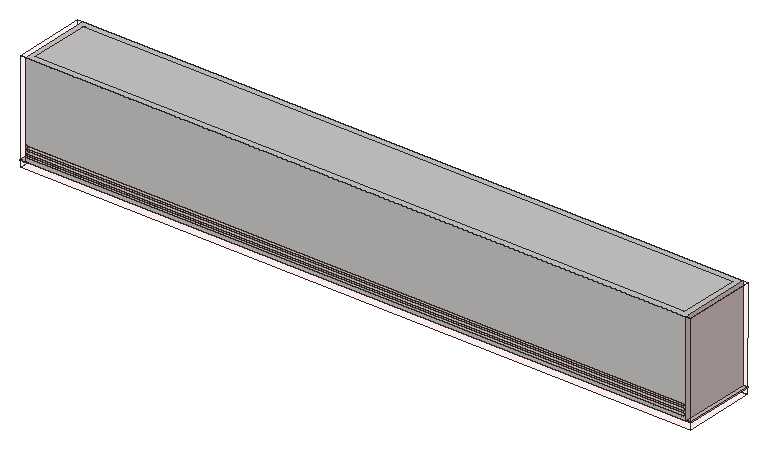
Revit family "Air-Curtain_Specialty_PoweredAire_HDX-Hazardous", category Mechanical Equipment, host Face, Revit 2026
Family settings
  Host = Face
  Round Connector Dimension = Use Diameter
  Part Type = Normal
  Classification Number = 23.75.35.17.21
  Cut with Voids When Loaded = No
  Maintain Annotation Orientation = No
  Shared = No
  Room Calculation Point = No
Parameters (values of type "192'' Nozzle")
  Warranty Duration (Years) = 0
  Unit Width Notes = "Other Widths available."  # constant formula
  Unit Width = 16' - 3 1/4"
  Unit Weight = 1170
  Unit Height = 1' - 9"
  Unit Depth = 2' - 3 1/4"
  URL = "http://www.poweredaire.com/"
  Test Data = ""
  Standards Conformance = "Class I C and D  ;  Class II F and G  ;  Made in USA"
  Specification = "http://www.arcat.com/sdspecs/htm04/23_34_33pai.htm"
  SpecWizard = ""
  Sound Pressure = ">69 dBA"
  Sales Information = "http://www.poweredaire.com/contact_us"
  Revision = "R1_2016-08"
  Projection from Host [instance] = 0' - 2"
  Product Properties = ""
  Product Data = "http://www.arcat.com/arcatcos/cos47/arc47623.html"
  Power Rating = 0 W
  Nozzle Width = if(1 = 1, Unit Width - 0' 3", 0' 0")  # 16' - 0 1/4"
  Mounting Width = if(1 = 1, Unit Width - 0' 1 1/2", 0' 0")  # 16' - 1 3/4"
  Mounting Height [instance] = 3' - 6"
  Motor RPM = 1160
  Motor HP = 3
  Motor Count = 3
  Model = "HDX-3-192"
  Max Height = 17' - 0"
  Manufacturer Website = "http://www.poweredaire.com/"
  Manufacturer Phone - Toll Free = "888-321-2473"
  Manufacturer Phone = "724-588-3305"
  Manufacturer Fax = "724-588-3371"
  Manufacturer Address = "109 Mortensen Rd.  Greenville, PA 16125"
  Manufacturer = "Powered Aire, Inc"
  Maintenance Schedule (Months) = 0
  Keynote = "23 34 33"
  Installation-Fabrication = ""
  Installation Phase = ""
  Include Clearance [instance] = yes
  Heating Element Load = 0 W
  HVAC_Temperature Rise = 0 °F
  HVAC_Outlet Volume = 15700 CFM
  HVAC_Outlet Velocity Uniformity = 0.863
  HVAC_Outlet Velocity = 6200 FPM
  Green Building-LEED = "http://www.arcat.com/green/clients/leed_data_47623.html"
  Front Grating Material [instance] = Metal - Steel - PoweredAire - Stainless 304 Perforated
  Frame Finish [instance] = Metal - Steel - PoweredAire - Stainless 304
  Expected Lifespan (Years) = 0
  Electrical_Wattage [instance] = Power Rating + Heating Element Load  # 0 W
  Electrical_Voltage [instance] = 0 V
  Electrical_Phase [instance] = 1
  Electrical_Frequency [instance] = 0 Hz
  Electrical_Amperage [instance] = 0 A
  Drawn By = "Sumex Design, Inc. / Robert S. Weygant, CSI, CDT, SCIP"
  Description = "Powered Aire Unheated Hazardous Area Air Curtain - HDX-3-192 as Specified"
  Default Elevation = 0' - 0"  # constant formula
  Copyright = "©Arcat Inc."
  Construction Details = "http://www.arcat.com/details/powair/prod3336.html"
  Clearance_Top [instance] = 0' - 0"
  Clearance_Side B [instance] = 0' - 0"
  Clearance_Side A [instance] = 0' - 0"
  Clearance_Intake [instance] = 0' - 0"
  Clearance_Bottom [instance] = 0' - 0"
  Clearance Material [instance] = ARCAT Clearance
  Building Codes = ""
  Available Options [instance] = "as Specified"
  Assembly Code = "D3090400"
Types (7): name | Unit Width | Unit Weight | Sound Pressure | Nozzle Width | Mounting Width | Motor Count | Model | HVAC_Outlet Volume | HVAC_Outlet Velocity Uniformity | HVAC_Outlet Velocity | Description
  192'' Nozzle | 16' - 3 1/4" | 1170 | ">69 dBA" | 16' - 0 1/4" | 16' - 1 3/4" | 3 | "HDX-3-192" | 15700 CFM | 0.863 | 6200 FPM | "Powered Aire Unheated Hazardous Area Air Curtain - HDX-3-192 as Specified"
  180'' Nozzle | 15' - 3 1/4" | 1150 | ">69 dBA" | 15' - 0 1/4" | 15' - 1 3/4" | 3 | "HDX-3-180" | 15000 CFM | 0.863 | 6200 FPM | "Powered Aire Unheated Hazardous Area Air Curtain - HDX-3-180 as Specified"
  144'' Nozzle | 12' - 3 1/8" | 830 | ">69 dBA" | 12' - 0 1/8" | 12' - 1 5/8" | 2 | "HDX-2-144" | 11200 CFM | 0.863 | 5900 FPM | "Powered Aire Unheated Hazardous Area Air Curtain - HDX-2-144 as Specified"
  132'' Nozzle | 11' - 3 1/8" | 805 | ">69 dBA" | 11' - 0 1/8" | 11' - 1 5/8" | 2 | "HDX-2-132" | 10400 CFM | 0.863 | 5900 FPM | "Powered Aire Unheated Hazardous Area Air Curtain - HDX-2-132 as Specified"
  120'' Nozzle | 10' - 3 1/8" | 785 | ">69 dBA" | 10' - 0 1/8" | 10' - 1 5/8" | 2 | "HDX-2-120" | 9700 CFM | 0.92 | 5800 FPM | "Powered Aire Unheated Hazardous Area Air Curtain - HDX-2-120 as Specified"
  72'' Nozzle | 6' - 3" | 420 | "69 dBA" | 6' - 0" | 6' - 1 1/2" | 1 | "HDX-1-72" | 5600 CFM | 0.863 | 5900 FPM | "Powered Aire Unheated Hazardous Area Air Curtain - HDX-1-72 as Specified"
  60'' Nozzle | 5' - 3" | 400 | "69 dBA" | 5' - 0" | 5' - 1 1/2" | 1 | "HDX-1-60" | 4900 CFM | 0.92 | 5800 FPM | "Powered Aire Unheated Hazardous Area Air Curtain - HDX-1-60 as Specified"
Reference planes (in)
  plane 1 "Center (Elevation)": y = 10.63818
  plane 2: z = 0
  plane 3 "Center (Left/Right)": x = 0
  plane 4: y = 21.13818
  plane 5 "BoC": y = 0.13818
  plane 6: x = -97.625
  plane 7: x = 97.625
  plane 8: z = 29.25
  plane 9 "FF": y = -41.86182
  plane 10: z = 2
  plane 11: x = 96.125
  plane 12: x = -96.125
  plane 13: y = 21.13818
  plane 14: y = 0.13818
  plane 15: x = -97.625
  plane 16: x = 97.625
  plane 17: z = 29.25
  plane 18: y = 0.13818
  plane 19: x = 96.0625
  plane 20: x = -96.0625
Forms (in)
  Extrusion 1, solid, material "ARCAT Clearance" <- "Clearance Material", visible <- "Include Clearance"
    sketch origin (0, 0, 0) x (0, 1, 0) y (0, 0, 1)
      loop
        line (0.13818, 29.25) -> (0.13818, 0) -> (21.13818, 0) -> (21.13818, 29.25) -> (0.13818, 29.25)
    from -97.625 to 97.625
  Extrusion 2, solid, material "Metal - Steel - PoweredAire - Stainless 304" <- "Frame Finish"
    sketch origin (0, 10.63818, 0) x (1, 0, 0) y (0, 0, 1)
      loop
        line (96.125, 29.25) -> (-96.125, 29.25) -> (-96.125, 2) -> (96.125, 2) -> (96.125, 29.25)
    from -10.5 to 10.5
  Extrusion 3, void
    sketch origin (0, 0, 0) x (0, 1, 0) y (0, 0, 1)
      loop
        line (0.13818, 4) -> (0.13818, 3) -> (1.63818, 3) -> (1.63818, 6.5) -> (0.13818, 6.5) -> (0.13818, 5.5) -> (1.38818, 5.5) -> (1.38818, 5.25) -> (0.13818, 5.25) -> (0.13818, 4.25) -> (1.38818, 4.25) -> (1.38818, 4) -> (0.13818, 4)
    from -96.0625 to 96.0625
  Extrusion 4, solid, material "Metal - Steel - PoweredAire - Stainless 304" <- "Frame Finish"
    sketch origin (-15.17702, -180, 2) x (-1, 0, 0) y (0, -1, 0)
      loop
        line (-111.30202, -201.13818) -> (-111.30202, -180.13818) -> (-112.80202, -180.13818) -> (-112.80202, -201.13818) -> (-111.30202, -201.13818)
      loop
        line (80.94798, -201.13818) -> (82.44798, -201.13818) -> (82.44798, -180.13818) -> (80.94798, -180.13818) -> (80.94798, -201.13818)
    from 0 to 0.125
  Extrusion 5, solid, material "Metal - Steel - PoweredAire - Stainless 304 Perforated" <- "Front Grating Material"
    sketch origin (96.125, 10.63818, 29.25) x (-1, 0, 0) y (0, -1, 0)
      loop
        line (1.5, -9) -> (190.75, -9) -> (190.75, 9) -> (1.5, 9) -> (1.5, -9)
    from 0 to 0.03125
Cuts and joins
  Extrusion 3 cuts Extrusion 2
Dimensions and locks (in)
  equal spacing: plane 4, plane 1 "Center (Elevation)", plane 5 "BoC"
  "Unit Height": plane 4 to plane 5 "BoC"
  equal spacing: plane 6, plane 3 "Center (Left/Right)", plane 7
  "Unit Width": plane 6 to plane 7
  "Mounting Height": plane 5 "BoC" to plane 9 "FF"
  "Projection from Host": plane 10 to level
  "Unit Depth": plane 8 to plane 10
  locked: plane 6 to plane 12 at 1.5
  locked: plane 11 to plane 7 at 1.5
  "Clearance_Side A": plane 7 to plane 16
  "Clearance_Side B": plane 15 to plane 6
  "Clearance_Top": plane 13 to plane 4
  "Clearance_Bottom": plane 5 "BoC" to plane 14
  "Clearance_Intake": plane 17 to plane 8
  locked: plane 7 to Extrusion 2 sketch curve at 1.5
  locked: Extrusion 2 sketch curve to plane 6 at 1.5
  locked: plane 18 to plane 5 "BoC" at 0
  locked: plane 12 to Extrusion 5 sketch curve at 1.5
  locked: Extrusion 5 sketch curve to plane 11 at 1.5
  locked: Extrusion 5 sketch curve to plane 5 "BoC" at 1.5
  locked: plane 20 to plane 12 at 0.0625
  locked: plane 11 to plane 19 at 0.0625
  Extrusion 3 sketch curve to Extrusion 3 sketch curve to Extrusion 3 sketch curve to Extrusion 3 sketch curve to Extrusion 3 sketch curve to Extrusion 3 sketch curve to plane 10 = 0' - 1" locked, 0' - 0 1/4" locked, 0' - 1" locked, 0' - 0 1/4" locked, 0' - 1" locked, 0' - 1" locked
  locked: plane 4 to Extrusion 5 sketch curve at 1.5
  aligned and locked: plane 2 to host face
  aligned and locked: level to host face
  aligned and locked: Extrusion 1 sketch curve to plane 17
  aligned and locked: plane 14 to Extrusion 1 sketch curve
  aligned and locked: level to Extrusion 1 sketch curve
  aligned and locked: Extrusion 1 sketch curve to plane 13
  aligned and locked: plane 16 to Extrusion 1
  aligned and locked: Extrusion 1 to plane 15
  aligned and locked: Extrusion 2 to plane 4
  aligned and locked: Extrusion 2 to plane 18
  aligned and locked: Extrusion 4 sketch curve to plane 4  (x2)
  aligned and locked: Extrusion 2 sketch curve to plane 10
  aligned and locked: Extrusion 3 to plane 20
  aligned and locked: plane 19 to Extrusion 3
  aligned and locked: Extrusion 2 sketch curve to plane 8
  aligned and locked: plane 18 to Extrusion 4 sketch curve  (x2)
Automatic sketch dimensions
  host sketch curve to host sketch curve = 8' - 0"  (x2)
  Extrusion 4 sketch curve to plane 7 = 0' - 0"
  Extrusion 4 sketch curve to plane 11 = 0' - 0"
  Extrusion 4 sketch curve to plane 12 = 0' - 0"
  Extrusion 4 sketch curve to plane 6 = 0' - 0"
  Extrusion 3 sketch curve to plane 5 "BoC" = 0' - 0"  (x3)
  plane 18 to Extrusion 3 sketch curve = 0' - 1 1/4"
  Extrusion 3 sketch curve to Extrusion 3 sketch curve = 0' - 0"
  Extrusion 3 sketch curve to Extrusion 3 sketch curve = 0' - 0 1/4"
Connectors (in)
  electrical at (-96.125, 10.63818, 15.625), driven by "Electrical_Voltage", driven by "Electrical_Phase"
    settings: on cut or joined group of Extrusion 2, Extrusion 3, index 1, voltage 0 V, apparent load 0 VA, apparent load phase1 0 VA, apparent load phase2 0 VA, apparent load phase3 0 VA, power factor 1, load classification "Other", number of poles 1, system type 31, power factor state 1, is connector primary yes, connector utility no, sub classification motor no, connector description ""
